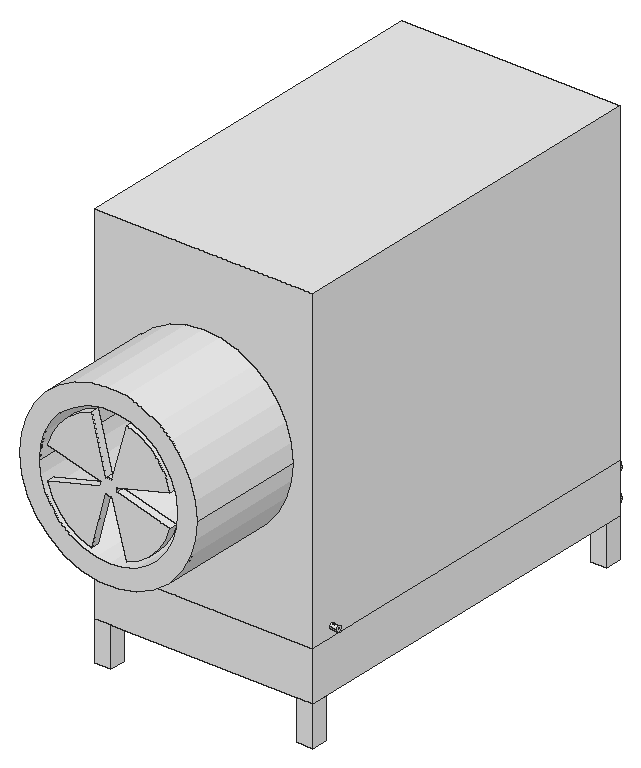
Revit family "MIT SK1013-250 - Cooling Tower ", category Specialty Equipment, Revit 2022
Family settings
  Round Connector Dimension = Use Diameter
  Part Type = Normal
  Work Plane-Based = Yes
  Always vertical = No
  Cut with Voids When Loaded = No
  Maintain Annotation Orientation = No
  Shared = No
  Room Calculation Point = No
Parameters (values of type "MLP 20 - 1.1 kW")
  URL = "https://en.ekinendustriyel.com/cooling-towers"
  Model = "MIT-SK1013 - 250"
  Manufacturer = "Ekin Endüstriyel"
  Keynote = "Cooling Towers"
  Description = "MIT-SK1013 250 - Cooling Towers"
  Default Elevation = 0 mm
Reference planes
  plane 1 "Center (Front/Back)": y = 0
  plane 2: z = 0
  plane 3 "Center (Left/Right)": x = 0
Forms (mm)
  Extrusion 1, solid, material "Ekin Endüstriyel_StainlesSteel", detail levels medium+fine
    sketch origin (0, 0, 0) x (1, 0, 0) y (0, 1, 0)
      loop
        line (-275, 485) -> (-275, -485) -> (275, -485) -> (275, 485) -> (-275, 485)
    from 225 to 1030
  Extrusion 2, solid, material "Ekin Endüstriyel_StainlesSteel", detail levels medium+fine
    sketch origin (0, 0, 0) x (1, 0, 0) y (0, 1, 0)
      loop
        line (-275, 485) -> (-275, -485) -> (275, -485) -> (275, 485) -> (-275, 485)
    from 100 to 225
  Extrusion 3, solid, material "Ekin Endüstriyel_StainlesSteel", detail levels coarse
    sketch origin (0, 0, 0) x (1, 0, 0) y (0, 1, 0)
      loop
        line (-275, 485) -> (-275, -485) -> (275, -485) -> (275, 485) -> (-275, 485)
    from 0 to 1030
  Extrusion 4, solid, material "Ekin Endüstriyel_StainlesSteel", detail levels coarse
    sketch origin (275, -485, 0) x (-1, 0, 0) y (0, 0, -1)
      loop
        circle (275, -627.5) r 225
    from 0 to 300
  Extrusion 5, solid, material "Ekin Endüstriyel_StainlesSteel", detail levels medium+fine
    sketch origin (275, -485, 0) x (-1, 0, 0) y (0, 0, -1)
      loop
        circle (275, -627.5) r 225
      loop
        circle (275, -627.5) r 175
    from 0 to 300
  Extrusion 6, solid, material "Ekin Endüstriyel_StainlesSteel", detail levels medium+fine
    sketch origin (-275, 485, 0) x (1, 0, 0) y (0, 0, -1)
      loop
        circle (275, -977.961) r 17.145
      loop
        circle (275, -127.039) r 17.145
      loop
        circle (520, -127.039) r 19.05
      loop
        circle (520, -127.039) r 17.05
      loop
        circle (275, -127.039) r 15.145
      loop
        circle (275, -977.961) r 15.145
      loop
        circle (520, -197.961) r 19.05
      loop
        circle (520, -197.961) r 17.05
    from 0 to 20
  Extrusion 7, solid, material "Ekin Endüstriyel_StainlesSteel", detail levels medium+fine
    sketch origin (275, 635, 0) x (0, -1, 0) y (0, 0, -1)
      loop
        circle (1062.805, -253.187) r 6.35
      loop
        circle (1062.805, -253.187) r 4.35
    from 0 to 20
  Extrusion 8, solid, material "Ekin Endüstriyel_StainlesSteel", detail levels coarse
    sketch origin (275, 635, 0) x (0, -1, 0) y (0, 0, -1)
      loop
        circle (1062.805, -253.187) r 6.35
    from 0 to 20
  Extrusion 9, solid, material "Ekin Endüstriyel_StainlesSteel", detail levels coarse
    sketch origin (-275, 485, 0) x (1, 0, 0) y (0, 0, -1)
      loop
        circle (275, -977.961) r 17.145
      loop
        circle (275, -127.039) r 17.145
      loop
        circle (520, -127.039) r 19.05
      loop
        circle (520, -197.961) r 19.05
    from 0 to 20
  Extrusion 10, solid, material "Ekin Endüstriyel_StainlesSteel", detail levels medium+fine
    sketch origin (0, 0, 0) x (1, 0, 0) y (0, 1, 0)
      loop
        line (-275, 485) -> (-275, 445) -> (-235, 445) -> (-235, 485) -> (-275, 485)
      loop
        line (-275, -485) -> (-235, -485) -> (-235, -445) -> (-275, -445) -> (-275, -485)
      loop
        line (275, 485) -> (235, 485) -> (235, 445) -> (275, 445) -> (275, 485)
      loop
        line (275, -485) -> (275, -445) -> (235, -445) -> (235, -485) -> (275, -485)
    from 0 to 100
  Extrusion 11, solid, material "Ekin Endüstriyel_StainlesSteel", detail levels fine
    sketch origin (275, -785, 0) x (-1, 0, 0) y (0, 0, -1)
      loop
        arc (429.548, -586.089) -> (389.202, -515.438) -> (319.327, -473.763) r 160
        line (319.327, -473.763) -> (283.04, -609.187)
        arc (283.04, -609.187) -> (290.175, -614.472) -> (294.319, -622.324) r 20
        line (294.319, -622.324) -> (429.548, -586.089)
      loop
        arc (255.681, -622.324) -> (259.825, -614.472) -> (266.96, -609.187) r 20
        line (266.96, -609.187) -> (230.673, -473.763)
        arc (230.673, -473.763) -> (160.798, -515.438) -> (120.452, -586.089) r 160
        line (120.452, -586.089) -> (255.681, -622.324)
      loop
        arc (294.319, -632.676) -> (290.175, -640.528) -> (283.04, -645.813) r 20
        line (283.04, -645.813) -> (319.327, -781.237)
        arc (319.327, -781.237) -> (389.202, -739.562) -> (429.548, -668.911) r 160
        line (429.548, -668.911) -> (294.319, -632.676)
      loop
        line (255.681, -632.676) -> (120.452, -668.911)
        arc (120.452, -668.911) -> (160.798, -739.562) -> (230.673, -781.237) r 160
        line (230.673, -781.237) -> (266.96, -645.813)
        arc (266.96, -645.813) -> (259.825, -640.528) -> (255.681, -632.676) r 20
    from 0 to -20.256
  Extrusion 12, solid, material "Ekin Endüstriyel_StainlesSteel", detail levels fine
    sketch origin (275, -785, 0) x (-1, 0, 0) y (0, 0, -1)
      loop
        circle (275, -627.5) r 20
    from 0 to -300
Cuts and joins
  joined: Extrusion 11, Extrusion 12
Dimensions and locks
  equal spacing: Extrusion 1 sketch curve, plane 3 "Center (Left/Right)", Extrusion 1 sketch curve
  Extrusion 1 sketch curve to plane 3 "Center (Left/Right)" = 275 mm
  equal spacing: Extrusion 1 sketch curve, plane 1 "Center (Front/Back)", Extrusion 1 sketch curve
  plane 1 "Center (Front/Back)" to Extrusion 1 sketch curve = 485 mm
  Extrusion 2 sketch curve to Extrusion 2 sketch curve = 550 mm
  Extrusion 2 sketch curve to Extrusion 2 sketch curve = 970 mm
  Extrusion 3 sketch curve to Extrusion 3 sketch curve = 550 mm
  Extrusion 3 sketch curve to Extrusion 3 sketch curve = 970 mm
  Extrusion 3 to Extrusion 3 = 550 mm
  Extrusion 3 to Extrusion 3 = 970 mm
  aligned and locked: level to plane 2
  aligned and locked: Extrusion 3 to Extrusion 1  (x2)
  aligned and locked: Extrusion 2 to Extrusion 1
  aligned and locked: Extrusion 3 to Extrusion 2
  aligned and locked: Extrusion 4 to Extrusion 5
  aligned and locked: Extrusion 4 to Extrusion 3
  aligned and locked: Extrusion 5 to Extrusion 3
  aligned and locked: Extrusion 10 to Extrusion 2
  aligned and locked: cut or joined group of Extrusion 11, Extrusion 12 to Extrusion 3
Connectors
  piping at (295, -427.805, 253.187), diameter 12.7
    settings: on Extrusion 7, index 1, connector inside diameter 609.6 mm, connector length 0 mm, flow factor 0, pipe flow 0.0 m³/h, pressure drop 0.0 bar, fitting loss kfactor 0, connector angle 0.00°, fixture units 0, engagement length 0 mm, angle of deflection 0.00°, flow configuration 0, flow direction 0, fitting loss method 0, system type 7, joint type 0, gender type 0, connector reference index -1, connector utility 0, adjustable connector no, is connector primary yes, connector description ""
  piping at (245, 505, 127.039), diameter 38.1
    settings: on Extrusion 6, index 2, connector inside diameter 609.6 mm, connector length 0 mm, flow factor 0, pipe flow 0.0 m³/h, pressure drop 0.0 bar, fitting loss kfactor 0, connector angle 0.00°, fixture units 0, engagement length 0 mm, angle of deflection 0.00°, flow configuration 0, flow direction 0, fitting loss method 0, system type 7, joint type 0, gender type 0, connector reference index -1, connector utility 0, adjustable connector no, is connector primary no, connector description ""
  piping at (0, 505, 127.039), diameter 31.8
    settings: on Extrusion 6, index 3, connector inside diameter 609.6 mm, connector length 0 mm, flow factor 0, pipe flow 0.0 m³/h, pressure drop 0.0 bar, fitting loss kfactor 0, connector angle 0.00°, fixture units 0, engagement length 0 mm, angle of deflection 0.00°, flow configuration 0, flow direction 0, fitting loss method 0, system type 7, joint type 0, gender type 0, connector reference index -1, connector utility 0, adjustable connector no, is connector primary no, connector description ""
  piping at (0, 505, 977.961), diameter 31.8
    settings: on Extrusion 6, index 4, connector inside diameter 609.6 mm, connector length 0 mm, flow factor 0, pipe flow 0.0 m³/h, pressure drop 0.0 bar, fitting loss kfactor 0, connector angle 0.00°, fixture units 0, engagement length 0 mm, angle of deflection 0.00°, flow configuration 0, flow direction 0, fitting loss method 0, system type 7, joint type 0, gender type 0, connector reference index -1, connector utility 0, adjustable connector no, is connector primary no, connector description ""
  piping at (245, 505, 197.961), diameter 38.1
    settings: on Extrusion 6, index 5, connector inside diameter 609.6 mm, connector length 0 mm, flow factor 0, pipe flow 0.0 m³/h, pressure drop 0.0 bar, fitting loss kfactor 0, connector angle 0.00°, fixture units 0, engagement length 0 mm, angle of deflection 0.00°, flow configuration 0, flow direction 0, fitting loss method 0, system type 7, joint type 0, gender type 0, connector reference index -1, connector utility 0, adjustable connector no, is connector primary no, connector description ""
